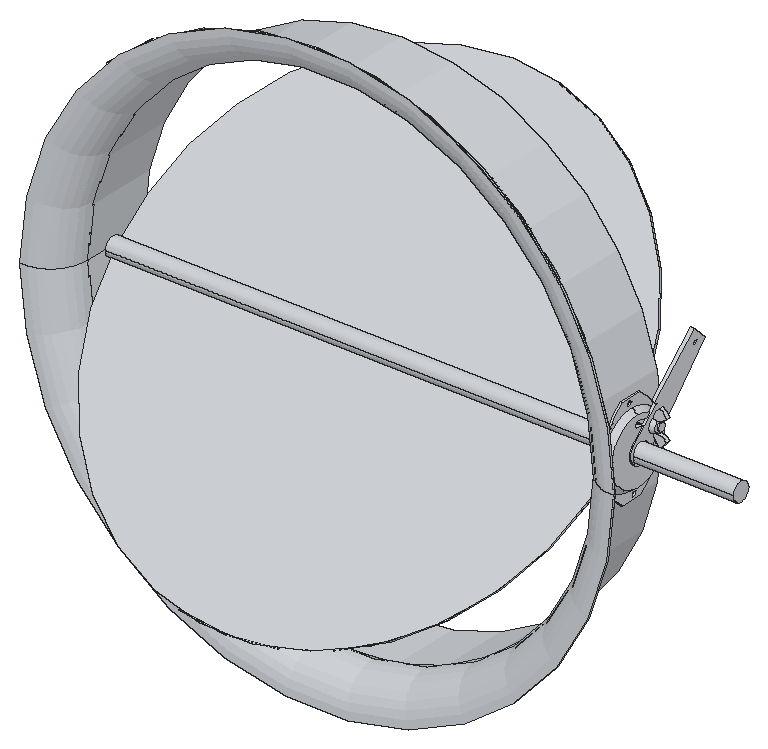
Revit family "BMD", category Mechanical Equipment, Revit 2015
Parameters
  URL = "https://unitedenertech.com/catalog/pdf/J_8%20Model%20BM,%20BMD.pdf"
  Type Comments = "Consult Factory for Max. Sizes"
  R [instance] = if(D < 0' 3 115/128", 0' 0 1/2", if(D < 0' 4 115/128", 0' 0 5/8", if(D < 0' 5 115/128", 0' 0 3/4", if(D < 0' 6 115/128", 0' 0 7/8", 0' 1"))))  # 0' - 1"
  OD Radius [instance] = D / 2  # 0' - 7"
  Model = "BMD"
  Manufacturer = "United Enertech Corporation"
  ID Radius [instance] = OD Radius - 0' 0 1/32"  # 0' - 6 31/32"
  Description = "Bellmouth Take-off with Damper"
  D = 1' - 2"
  Blade Radius [instance] = ID Radius - 0' 0 1/8"  # 0' - 6 27/32"
  A = 0' - 2 7/8"
Reference planes (in)
  plane 1 "Center (Front/Back)": y = 0
  plane 2: z = 0
  plane 3 "Center (Left/Right)": x = 0
  plane 4: y = 2.875
  plane 5: y = 1
  plane 6: x = -7
  plane 7: x = 7
  plane 8: x = -8
  plane 9: x = 8
  plane 10: x = -6.97
  plane 11: x = 6.97
  plane 12: y = 0.03
  plane 13: x = -7.25
  plane 14: x = 10
  plane 15: y = 1.79904
Forms (in)
  Extrusion 1, solid
    sketch origin (0, 0, 0) x (1, 0, 0) y (0, 0, 1)
      loop
        circle (0, 0) r 7
      loop
        circle (0, 0) r 6.96875
    from -2.875 to -1
  Revolve 2, solid
    sketch origin (0, 0, 0) x (1, 0, 0) y (0, 1, 0)
      loop
        arc (-8, 0) -> (-7.26365, 0.27201) -> (-6.97, 1) r 0.96958
        line (-6.97, 1) -> (-7.00127, 1)
        arc (-7.00127, 1) -> (-7.28575, 0.29411) -> (-8, 0.03131) r 0.93833
        line (-8, 0.03131) -> (-8, 0)
      axis (0, 0) -> (0, 1)
    angle from 0 to 360
  Extrusion 3, solid
    sketch origin (0, 0, 0) x (0, 1, 0) y (0, 0, 1)
      loop
        circle (1.79904, 0) r 0.25
    from -7.25 to 10
  Extrusion 4, solid
    sketch origin (0, 0.52107, 1.25797) x (1, 0, 0) y (0, 0.707107, 0.707107)
      loop
        circle (0, 0) r 6.84375
    from -1.79904 to -1.75904
Dimensions and locks (in)
  "A": plane 4 to plane 1 "Center (Front/Back)"
  "R": plane 5 to plane 1 "Center (Front/Back)"
  equal spacing: plane 6, plane 3 "Center (Left/Right)", plane 7
  "D": plane 6 to plane 7
  "R": plane 8 to plane 6
  "R": plane 7 to plane 9
  locked: plane 6 to plane 10 at 0.03
  locked: plane 11 to plane 7 at 0.03
  locked: plane 12 to plane 1 "Center (Front/Back)" at 0.03
  locked: plane 13 to plane 6 at 0.25
  locked: plane 7 to plane 14 at 3
  locked: plane 4 to plane 15 at 1.07596
  "ID Radius": radius of Extrusion 1 sketch curve
  "OD Radius": radius of Extrusion 1 sketch curve
  "Blade Radius": radius of Extrusion 4 sketch curve
  aligned and locked: level to plane 2
  aligned and locked: Extrusion 1 to plane 4
  aligned and locked: Extrusion 1 to plane 5
  aligned and locked: plane 1 "Center (Front/Back)" to Revolve 2 sketch curve
  aligned and locked: plane 8 to Revolve 2 sketch curve
  aligned and locked: plane 10 to Revolve 2 sketch curve
  aligned and locked: plane 5 to Revolve 2 sketch curve
  aligned and locked: nested 1 to plane 7
  aligned and locked: plane 13 to Extrusion 3
  aligned and locked: Extrusion 3 to plane 14
Automatic sketch dimensions
  Revolve 2 sketch curve to Revolve 2 sketch curve = 0' - 0"  (x2)
  Revolve 2 sketch curve to plane 3 "Center (Left/Right)" = 0' - 0"
  Revolve 2 sketch curve to plane 5 = 0' - 0.03234"
  plane 6 to Revolve 2 sketch curve = 0' - 0.00127"
  plane 1 "Center (Front/Back)" to Revolve 2 sketch curve = 0' - 2 1/2"
  Revolve 2 sketch curve to plane 4 = 0' - 1 1/8"
  Extrusion 3 sketch curve to level = 0' - 0"
  Extrusion 3 sketch curve to plane 15 = 0' - 0"
  Extrusion 1 sketch curve to Extrusion 1 sketch curve = 0' - 0"  (x2)
  Extrusion 1 sketch curve to level = 0' - 0"
  Extrusion 1 sketch curve to plane 3 "Center (Left/Right)" = 0' - 0"
  Extrusion 4 sketch curve to plane 3 "Center (Left/Right)" = 0' - 0"
  radius of Extrusion 3 sketch curve = 0' - 0 1/4"
Nested families (in)
  nested 1: "Quad" at (8.25656, -5.85253, -5.45183) x (0, 1, 0) z (0, 0, 1), type "Quad"
Definition of nested family "Quad"
  Reference planes (in)
    plane 1 "Center (Front/Back)": y = 0
    plane 2: z = 0
    plane 3 "Center (Left/Right)": x = 0
    plane 4: y = 1.34656
  Forms (in)
    Extrusion 1, solid
      sketch origin (14.15142, 0, -2.31695) x (0, 0, 1) y (-1, 0, 0)
        loop
          arc (6.51879, 6.20544) -> (7.06849, 5.72098) -> (7.76879, 5.50544) r 1.74192
          arc (7.76879, 5.50544) -> (8.46908, 5.72098) -> (9.01879, 6.20544) r 1.74192
          line (9.01879, 6.20544) -> (9.01879, 6.80544)
          arc (9.01879, 6.80544) -> (8.46908, 7.28989) -> (7.76879, 7.50544) r 1.74192
          arc (7.76879, 7.50544) -> (7.06849, 7.28989) -> (6.51879, 6.80544) r 1.74192
          line (6.51879, 6.80544) -> (6.51879, 6.20544)
      from -1.25656 to -1.20656
    Extrusion 2, void
      sketch origin (14.15142, 0, -2.31695) x (0, 0, 1) y (-1, 0, 0)
        loop
          circle (6.64379, 6.42544) r 0.08
      from -0.9659 to -1.25656
    Extrusion 3, void
      sketch origin (1.14055, 0, 13.22062) x (0, 0, -1) y (1, 0, 0)
        loop
          circle (6.64379, 6.42544) r 0.08
      from -0.9659 to -1.25656
    Blend 4, solid
      base sketch origin (14.15142, 0, -2.31695) x (0, 0, 1) y (-1, 0, 0)
        loop
          circle (7.76879, 6.50544) r 0.875
      top sketch origin (14.15142, 0, -2.31695) x (0, 0, 1) y (-1, 0, 0)
        loop
          circle (7.76879, 6.50544) r 1
      from -1.03156 to -1.20656
    Extrusion 5, void
      sketch origin (14.15142, 0, -2.31695) x (0, 0, 1) y (-1, 0, 0)
        loop
          circle (7.76879, 6.50544) r 0.25
      from -0.81672 to -1.50902
    Extrusion 6, void
      sketch origin (14.15142, 0, -2.31695) x (0, 0, 1) y (-1, 0, 0)
        loop
          arc (7.76879, 5.94684) -> (7.67309, 5.85114) -> (7.76879, 5.75544) r 0.0957
          arc (7.76879, 5.75544) -> (8.29912, 5.9751) -> (8.51879, 6.50544) r 0.75
          arc (8.51879, 6.50544) -> (8.42309, 6.60114) -> (8.32738, 6.50544) r 0.0957
          arc (8.32738, 6.50544) -> (8.16377, 6.11045) -> (7.76879, 5.94684) r 0.55859
      from -1.25656 to -0.89427
    Extrusion 7, solid
      sketch origin (15.76748, 0.56263, 0.663) x (-0.707107, 0, 0.707107) y (-0.707107, 0, -0.707107)
        loop
          line (8.94958, -0.48196) -> (9.31458, -0.48196) -> (9.44425, 2.33115)
          arc (9.44425, 2.33115) -> (9.13208, 2.65804) -> (8.81992, 2.33115) r 0.3125
          line (8.81992, 2.33115) -> (8.94958, -0.48196)
        loop
          circle (9.13208, 2.34554) r 0.25
        loop
          circle (9.13208, 1.69047) r 0.107
        loop
          circle (9.13208, -0.25946) r 0.0625
      from -0.46893 to -0.40893
    Blend 8, solid
      base sketch origin (15.76748, 0.56263, 0.663) x (-0.707107, 0, 0.707107) y (-0.707107, 0, -0.707107)
        loop
          circle (9.13208, 2.34554) r 0.3125
      top sketch origin (15.76748, 0, 0.663) x (-0.707107, 0, 0.707107) y (-0.707107, 0, -0.707107)
        loop
          circle (9.13208, 2.34554) r 0.25
      from -0.46893 to -1.14456
    Blend 9, void
      base sketch origin (15.76748, 0.56263, 0.663) x (-0.707107, 0, 0.707107) y (-0.707107, 0, -0.707107)
        loop
          circle (9.13208, 2.34554) r 0.28943
      top sketch origin (15.76748, 0, 0.663) x (-0.707107, 0, 0.707107) y (-0.707107, 0, -0.707107)
        loop
          circle (9.13208, 2.35367) r 0.21872
      from -0.46893 to -1.12441
    Extrusion 10, void
      sketch origin (15.76748, 0.56263, 0.663) x (-0.707107, 0, 0.707107) y (-0.707107, 0, -0.707107)
        loop
          line (9.25708, 2.22054) -> (9.25708, 2.47054) -> (9.00708, 2.47054) -> (9.00708, 2.22054) -> (9.25708, 2.22054)
      from -0.61124 to -0.37858
    Extrusion 11, solid
      sketch origin (17.73753, 0, 4.56105) x (-0.707107, 0, 0.707107) y (-0.707107, 0, -0.707107)
        loop
          line (7.95129, 3.66741) -> (8.01129, 3.66741) -> (8.09367, 5.45474) -> (8.03367, 5.45474) -> (7.95129, 3.66741)
      from -1.07406 to -0.97156
    Extrusion 12, solid
      sketch origin (6.7508, 0, 15.54777) x (0.707107, 0, -0.707107) y (0.707107, 0, 0.707107)
        loop
          line (7.95129, -3.66741) -> (8.03367, -5.45474) -> (8.09367, -5.45474) -> (8.01129, -3.66741) -> (7.95129, -3.66741)
      from -1.07406 to -0.97156
    Blend 13, solid
      base sketch origin (11.29128, 0, 0.7964) x (0, 0, 1) y (-1, 0, 0)
        loop
          circle (5.12035, 3.18) r 0.19
      top sketch origin (11.29128, 0, 0.7964) x (0, 0, 1) y (-1, 0, 0)
        loop
          circle (5.12035, 3.18) r 0.15
      from -0.97156 to -0.81856
    Extrusion 14, void
      sketch origin (14.15142, 0, -2.31695) x (0, 0, 1) y (-1, 0, 0)
        loop
          circle (8.24197, 6.03664) r 0.107
      from -0.97156 to -0.7798
    Extrusion 15, solid
      sketch origin (14.15142, 0, -2.31695) x (0, 0, 1) y (-1, 0, 0)
        loop
          circle (8.24197, 6.03664) r 0.09231
      from -0.97156 to -0.75995
    Extrusion 16, solid
      sketch origin (14.15142, 0, -2.31695) x (0, 0, 1) y (0, 1, 0)
        loop
          arc (7.9487, 0.58056) -> (8.02609, 0.69395) -> (8.0837, 0.81856) r 0.82896
          line (8.0837, 0.81856) -> (8.0437, 0.97156)
          arc (8.0437, 0.97156) -> (7.89258, 0.88372) -> (7.7647, 0.76456) r 0.78317
          arc (7.7647, 0.76456) -> (7.84616, 0.66201) -> (7.9487, 0.58056) r 0.57513
      from 5.98664 to 6.08664
    Extrusion 17, solid
      sketch origin (14.15142, 0, 14.15045) x (0, 0, -1) y (0, -1, 0)
        loop
          arc (7.9487, -0.58056) -> (7.84616, -0.66201) -> (7.7647, -0.76456) r 0.57513
          arc (7.7647, -0.76456) -> (7.89258, -0.88372) -> (8.0437, -0.97156) r 0.78317
          line (8.0437, -0.97156) -> (8.0837, -0.81856)
          arc (8.0837, -0.81856) -> (8.02609, -0.69395) -> (7.9487, -0.58056) r 0.82896
      from 5.98664 to 6.08664
  Cuts and joins
    Extrusion 2, Extrusion 3, Extrusion 5, Extrusion 6 cuts Extrusion 1
    Extrusion 5, Extrusion 6 cuts Blend 4
    Blend 9, Extrusion 10 cuts Blend 8
    joined: Extrusion 7, Extrusion 11, Extrusion 12
    Extrusion 14 cuts Blend 13
  Dimensions and locks (in)
    aligned and locked: level to plane 2
